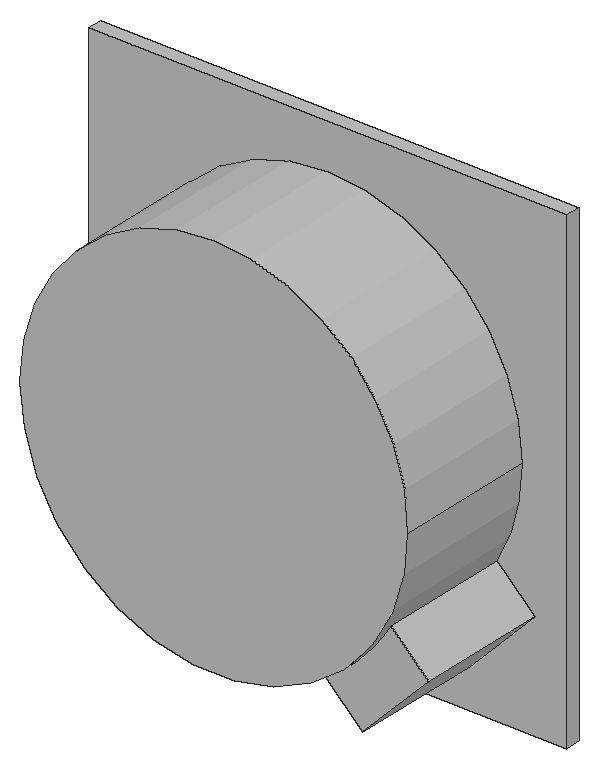
Revit family "ef-20_30uys(q)2_uas(q)2_ubs(q)2_60Hz", category 機械設備, Revit 2019
Family settings
  丸型コネクタ寸法 = 直径を使用
  パーツ タイプ = 標準
  OmniClass 番号 = 23.75.35.21.17
  OmniClass タイトル = Industrial Ventilating Equipment
  作業面ベース = いいえ
  常に垂直 = はい
  ロード時にボイドで切り取り = はい
  共有 = いいえ
  部屋計算ポイント = はい
Parameters (values of type "EF-20UYS2")
  騒音レベル(dB(A)) [instance] = 43
  風量 [instance] = 設計風量  # 0.0 m³/h
  電源種別 [instance] = ""
  電圧 = 100 V
  電動機出力 = 20 W
  電動機_種別 [instance] = ""
  運転質量 = 0.00 kg
  連動 [instance] = ""
  質量 = if(製品質量 > 運転質量, 製品質量, 運転質量) * 1.2  # 2.76 kg
  負荷分類 = 3_ファン類
  説明 = "産業用有圧換気扇 機器冷却用 排気専用 排気形"
  設計風量 [instance] = 0.0 m³/h
  設置方法 = "壁付"
  記号 [instance] = ""
  製造元 = "三菱電機株式会社"
  製品質量 = 2.30 kg
  製品出荷対象 = "国内"
  製品リリース年月 = "2022年6月1日"
  製品グループ = ""
  羽根径 = "∅200"
  系統 [instance] = ""
  符号 [instance] = if(☑給気／□排気, "FS", "FE")  # "FE"
  積算_科目 = ""
  積算_拾い区分 [instance] = ""
  相 = 1
  盤記号 [instance] = ""
  盤工事区分 = ""
  発停方法 [instance] = ""
  特殊仕様 [instance] = ""
  火災停止 [instance] = ""
  消費電力 = 39 W
  法定耐用年数 = "15"
  極数 = 2
  極 = 4
  材質 [instance] = ""
  操作・制御方式 = ""
  操作・制御スイッチ = ""
  排気量 [instance] = if(☑給気／□排気, 0.0 m³/h, 設計風量)  # 0.0 m³/h
  形式 = ""
  幹線記号 [instance] = ""
  対象室 [instance] = ""
  実風量 [instance] = 0.0 m³/h
  始動方式 [instance] = "直入"
  外気量 [instance] = if(☑給気／□排気, 設計風量, 0.0 m³/h)  # 0.0 m³/h
  呼称 = "有圧扇"
  周波数 = 60 Hz
  参照している仕様書等のバージョン = ""
  分類コード = "50052503100110"
  分類グループ = ""
  価格 = 42500
  企業コード = "108420"
  付属品_防振装置 = ""
  付属品 [instance] = ""
  仕様書バージョン = "Version1.0"
  モデル = "EF-20UYS2"
  ボックス_Width = 40 mm
  ボックス_Height = 63 mm
  ボックス_Depth = 99 mm
  フレームの厚さ = 10 mm
  ファンの種類 = "軸流羽根"
  コメント [instance] = ""
  Keynote = ""
  オリフィス_Depth = 50 mm
  ☑給気／□排気 [instance] = no
  Width = 320 mm
  Version = ""
  Uniclass2015Version = "Systems v1.9"
  Uniclass2015Title = "Propeller fans"
  Uniclass2015Code = "Pr_65_67_29_67"
  URL = "https://www.mitsubishielectric.co.jp/ldg/wink/ssl/displayProduct.do?pid=319134"
  SpecificationReference = ""
  SpecificationDescription = ""
  Revision = ""
  ProductInformation = ""
  OmniClassCode = "23-33 31 19 11 17"
  MIN風量 = 0.0 m³/h
  MID風量 = 0.0 m³/h
  MAX風量 = 850.0 m³/h
  IfcTypeProduct = ""
  IfcProduct = ""
  IfcExportType = "TUBEAXIAL"
  IfcExportAs = "IfcFanType"
  Height = 320 mm
  オリフィス径 = 260 mm
  Depth = 105 mm
  Box_W = 95 mm
  Box_H = 26.2 mm
  Box_Angle = 46.00°
  Author = "三菱電機株式会社"
Types (6, lengths in mm): name | 騒音レベル(dB(A)) | 電動機出力 | 質量 | 説明 | 製品質量 | 羽根径 | 消費電力 | 価格 | モデル | Width | URL | MAX風量 | Height | オリフィス径 | Depth | Box_W | Box_H
  EF-20UYS2 | 43 | 20 W | 2.76 kg | "産業用有圧換気扇 機器冷却用 排気専用 排気形" | 2.30 kg | "∅200" | 39 W | 42500 | "EF-20UYS2" | 320 | "https://www.mitsubishielectric.co.jp/ldg/wink/ssl/displayProduct.do?pid=319134" | 850.0 m³/h | 320 | 260 | 105 | 95 | 26.2
  EF-25UAS2 | 46 | 35 W | 3.96 kg | "産業用有圧換気扇 機器冷却用 排気専用 排気形" | 3.30 kg | "∅250" | 58 W | 45400 | "EF-25UAS2" | 370 | "https://www.mitsubishielectric.co.jp/ldg/wink/ssl/displayProduct.do?pid=319148" | 1430.0 m³/h | 370 | 305 | 115 | 117.5 | 27.9
  EF-30UBS2 | 50.5 | 65 W | 5.76 kg | "産業用有圧換気扇 機器冷却用 排気専用 排気形" | 4.80 kg | "∅300" | 95 W | 58000 | "EF-30UBS2" | 420 | "https://www.mitsubishielectric.co.jp/ldg/wink/ssl/displayProduct.do?pid=318934" | 2220.0 m³/h | 420 | 340 | 125 | 144 | 29.8
  EF-20UYSQ2 | 45.5 | 20 W | 2.76 kg | "産業用有圧換気扇 機器冷却用 排気専用 給気形" | 2.30 kg | "∅200" | 37 W | 44500 | "EF-20UYSQ2" | 320 | "https://www.mitsubishielectric.co.jp/ldg/wink/ssl/displayProduct.do?pid=319137" | 790.0 m³/h | 320 | 260 | 105 | 95 | 26.2
  EF-25UASQ2 | 49.5 | 35 W | 3.96 kg | "産業用有圧換気扇 機器冷却用 排気専用 給気形" | 3.30 kg | "∅250" | 57 W | 47800 | "EF-25UASQ2" | 370 | "https://www.mitsubishielectric.co.jp/ldg/wink/ssl/displayProduct.do?pid=319151" | 1400.0 m³/h | 370 | 305 | 115 | 117.5 | 27.9
  EF-30UBSQ2 | 55 | 65 W | 5.76 kg | "産業用有圧換気扇 機器冷却用 排気専用 給気形" | 4.80 kg | "∅300" | 93 W | 60900 | "EF-30UBSQ2" | 420 | "https://www.mitsubishielectric.co.jp/ldg/wink/ssl/displayProduct.do?pid=318937" | 2200.0 m³/h | 420 | 340 | 125 | 144 | 29.8
Reference planes
  plane 1 "中心(正面/背面)": y = 0
  plane 2: z = 0
  plane 3 "中心(左/右)": x = 0
  plane 4: z = 0
  plane 5: through (212.832, -1524, 243.759) normal (-0.6508, 0, -0.7593)
  plane 6: through (-212.884, -1524, -243.751) normal (0.6508, 0, 0.7593)
  plane 7: through (208.307, -1524, -247.63) normal (-0.6508, 0, 0.7593)
  plane 8: z = 160
  plane 9: z = -160
  plane 10 "左": x = -160
  plane 11 "右": x = 160
  plane 12 "正面": y = -105
  plane 13: y = -10
  plane 14: through (-208.307, -1524, -247.63) normal (-0.6508, 0, -0.7593)
  plane 15: y = 145
  plane 16: y = 245
  plane 17: x = -250
  plane 18: x = 250
  plane 19: y = -99
  plane 20: x = 95
  plane 21: z = -133.8
  plane 22: through (116.964, -1524, -111.056) normal (-0.7193, 0, 0.6947)
Forms (mm)
  Extrusion 1, solid, detail levels fine
    sketch origin (0, 0, 0) x (1, 0, 0) y (0, 1, 0)
      loop
        line (-160, 0) -> (-160, -10) -> (160, -10) -> (160, 0) -> (-160, 0)
    from -160 to 160
  Extrusion 2, solid
    sketch origin (0, -153.783, 0) x (1, 0, 0) y (0, 0, 1)
      loop
        circle (0, 0) r 130
    from -143.783 to -48.783
  Extrusion 3, solid
    sketch origin (0, -105, 0) x (0, 0, -1) y (1, 0, 0)
      loop
        line (133.8, 95) -> (88.482, 138.763) -> (60.695, 109.99) -> (106.014, 66.226) -> (133.8, 95)
    from -95 to -6
Cuts and joins
  joined: Extrusion 2, Extrusion 3
Lines and regions (mm)
  Masking region 1, detail levels coarse+medium
    outline origin (0, 0, 0) x (1, 0, 0) y (0, 1, 0)
      loop
        line (-250, -105) -> (250, -105) -> (250, 145) -> (-250, 145) -> (-250, -105)
  Masking region 2, detail levels coarse+medium
    outline origin (0, 0, 0) x (1, 0, 0) y (0, 1, 0)
      loop
        line (-124, 145) -> (124, 145) -> (124, 245) -> (-124, 245) -> (-124, 145)
  symbolic lines, detail levels coarse+medium
    curve 1: circle (124, -104.5, 0) r 115 normal (0, 0, 1)
    curve 2: circle (-124, -104.5, 0) r 115 normal (0, 0, -1)
Dimensions and locks
  level to plane 4 = 0 mm
  equal spacing: plane 8, level, plane 9
  "Depth": plane 12 "正面" to plane 1 "中心(正面/背面)"  (x2)
  "Width": plane 10 "左" to plane 11 "右"
  "Height": plane 8 to plane 9
  "フレームの厚さ": plane 13 to plane 1 "中心(正面/背面)"
  plane 12 "正面" to plane 15 to plane 16 = 250 mm locked, 100 mm locked
  locked: plane 17 to plane 18 at 500
  equal spacing: plane 10 "左", plane 3 "中心(左/右)", plane 11 "右"
  "Box_H": plane 21 to plane 9
  "Box_W": plane 20 to plane 3 "中心(左/右)"
  "ボックス_Depth": plane 1 "中心(正面/背面)" to plane 19
  "ボックス_Height": Extrusion 3 sketch curve to Extrusion 3 sketch curve
  "ボックス_Width": Extrusion 3 sketch curve to Extrusion 3 sketch curve
  "オリフィス径": diameter of Extrusion 2 sketch curve
  "Box_Angle": angle plane 21 to plane 22
  angle Extrusion 3 sketch curve to Extrusion 3 sketch curve = 90.00°  (x2)
  aligned and locked: level to plane 2
  aligned and locked: Extrusion 1 to plane 8
  aligned and locked: plane 10 "左" to Extrusion 1
  aligned and locked: Extrusion 1 to plane 11 "右"
  aligned and locked: plane 9 to Extrusion 1
  aligned and locked: Extrusion 1 to plane 13
  aligned and locked: Extrusion 1 to plane 1 "中心(正面/背面)"  (x5)
  aligned and locked: plane 1 "中心(正面/背面)" to Extrusion 1  (x2)
  aligned and locked: plane 12 "正面" to Masking region 1 sketch curve
  aligned and locked: Masking region 1 sketch curve to plane 17
  aligned and locked: plane 15 to Masking region 1 sketch curve
  aligned and locked: plane 18 to Masking region 1 sketch curve
  aligned and locked: Masking region 2 sketch curve to plane 15
  aligned and locked: plane 16 to Masking region 2 sketch curve
  aligned and locked: Extrusion 2 to Extrusion 1
  aligned and locked: plane 13 to Extrusion 3
  aligned and locked: Extrusion 3 to plane 19
  aligned and locked: Extrusion 3 sketch curve to plane 22
  aligned and locked: plane 12 "正面" to Extrusion 2
Automatic sketch dimensions
  Extrusion 1 sketch curve to plane 10 "左" = 0 mm
  Extrusion 1 sketch curve to plane 11 "右" = 0 mm
  Extrusion 1 sketch curve to plane 13 = 0 mm
  plane 1 "中心(正面/背面)" to Extrusion 1 sketch curve = 0 mm
  Extrusion 2 sketch curve to level = 0 mm
  Extrusion 2 sketch curve to plane 3 "中心(左/右)" = 0 mm
  curve 2 to plane 10 "左" = 36 mm
  Masking region 2 sketch curve to plane 10 "左" = 36 mm
  plane 11 "右" to curve 1 = 36 mm
  plane 11 "右" to Masking region 2 sketch curve = 36 mm
  Extrusion 3 sketch curve to plane 20 = 0 mm
  curve 2 to plane 12 "正面" = 0.5 mm
  curve 1 to plane 12 "正面" = 0.5 mm
  radius of curve 1 = 115 mm
  radius of curve 2 = 115 mm
Connectors
  electrical at (160, -5, 0), driven by "電圧", driven by "負荷分類", driven by "消費電力", driven by "極数"
    settings: on Extrusion 1, index 2, voltage 100 V, apparent load 39 VA, apparent load phase1 0 VA, apparent load phase2 0 VA, apparent load phase3 0 VA, power factor 1, load classification "3_ファン類", number of poles 2, system type 30, power factor state 1, is connector primary yes, connector utility no, sub classification motor no, connector description ""
